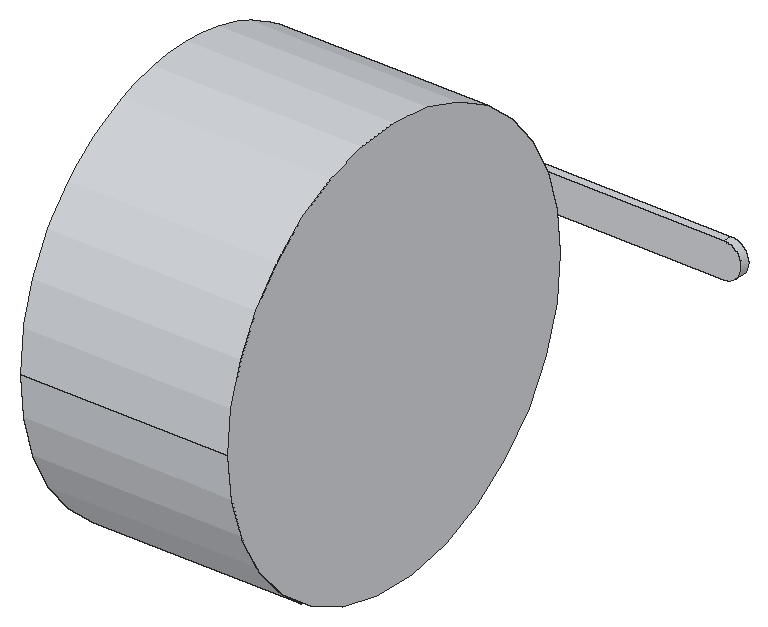
Revit family "M_Abafador de balanceamento - Redondo", category Acessórios de duto, Revit 2019
Family settings
  Cota do conector redondo = Usar raio
  Tipo de parte = Regulador de fluxo de ar
  Número OmniClass = 23.75.70.11.14.14
  Título OmniClass = Dampers for Air Ductwork
  ID de item do Seek = Balancing Damper - Round-0000-USA-ENU
  Com base no plano de trabalho = Não
  Sempre na vertical = Sim
  Corte com vazios quando carregada = Não
  Compartilhado = Não
Parameters (values of type "Padrão")
  Largura do símbolo [instance] = Diâmetro do duto + 101.6 mm  # 401.6 mm
  Comprimento do símbolo = Comprimento do abafador / 2 + 88.9 mm  # 163.9 mm
  Queda de pressão [instance] = 248.84 Pa
  Comprimento de meio abafador = Comprimento do abafador / 2  # 75 mm
  Raio do duto [instance] = 150 mm
  Diâmetro do duto [instance] = Raio do duto * 2  # 300 mm
  Material do abafador = none
  Comprimento do abafador = 150 mm
Reference planes
  plane 1 "Centro (Frente/Trás)": y = 0
  plane 2: z = 0
  plane 3 "Centro (Esquerda/Direita)": x = 0
  plane 4: y = -150
  plane 5: y = 150
  plane 6: y = 200.8
  plane 7: y = 207.15
  plane 8: x = -75
  plane 9: x = 75
  plane 10: x = 152.4
  plane 11: z = 12.7
  plane 12: z = -12.7
  plane 13: x = 165.1
Forms (mm)
  Extrusion 1, solid, material <- "Material do abafador", detail levels fine
    sketch origin (0, 0, 0) x (0, 1, 0) y (0, 0, 1)
      loop
        circle (0, 0) r 150
    from -75 to 75
  Extrusion 2, solid, material <- "Material do abafador", detail levels fine
    sketch origin (0, 0, 0) x (1, 0, 0) y (0, 0, 1)
      loop
        circle (0, 0) r 6.35
    from -200.8 to 0
  Sweep 3, solid, material <- "Material do abafador", detail levels fine
    path origin (0, 0, 0) x (1, 0, 0) y (0, 1, 0)
      loop
        line (0, 207.15) -> (0, 200.8)
    profile origin (0, 203.975, 0) x (1, 0, 0) y (0, 0, 1)
      loop
        arc (0, 12.7) -> (-12.7, 0) -> (0, -12.7) r 12.7
        line (0, -12.7) -> (152.4, -12.7)
        arc (152.4, -12.7) -> (165.1, 0) -> (152.4, 12.7) r 12.7
        line (152.4, 12.7) -> (0, 12.7)
  Extrusion 4, solid, material <- "Material do abafador", detail levels coarse+medium
    sketch origin (0, 0, 0) x (0, 1, 0) y (0, 0, 1)
      loop
        circle (0, 0) r 150
    from -75 to 75
Cuts and joins
  joined: Extrusion 1, Extrusion 2, Sweep 3
Dimensions and locks
  equal spacing: plane 5, plane 1 "Centro (Frente/Trás)", plane 4
  "Raio do duto": plane 1 "Centro (Frente/Trás)" to plane 4
  locked: plane 5 to plane 6 at 50.8
  locked: plane 7 to plane 6 at 6.35
  equal spacing: plane 8, plane 3 "Centro (Esquerda/Direita)", plane 9
  "Comprimento do abafador": plane 8 to plane 9
  locked: plane 10 to plane 3 "Centro (Esquerda/Direita)" at 152.4
  plane 11 to plane 2 = 12.7 mm
  equal spacing: plane 11, plane 2, plane 12
  locked: plane 13 to plane 10 at 12.7
  "Raio do duto": radius of Extrusion 1 sketch curve
  radius of Extrusion 2 sketch curve = 6.35 mm
  radius of Sweep 3 sketch curve = 12.7 mm  (x2)
  "Raio do duto": radius of Extrusion 4 sketch curve
  aligned and locked: plane 2 to Extrusion 1 sketch curve
  aligned and locked: plane 1 "Centro (Frente/Trás)" to Extrusion 1 sketch curve
  aligned and locked: Extrusion 1 to plane 8
  aligned and locked: Extrusion 1 to plane 9
  aligned and locked: plane 2 to Extrusion 2 sketch curve
  aligned and locked: plane 3 "Centro (Esquerda/Direita)" to Extrusion 2 sketch curve
  aligned and locked: plane 6 to Extrusion 2
  aligned and locked: plane 1 "Centro (Frente/Trás)" to Extrusion 2
  aligned and locked: Sweep 3 sketch curve to plane 3 "Centro (Esquerda/Direita)"
  aligned and locked: plane 7 to Sweep 3 sketch curve
  aligned and locked: plane 6 to Sweep 3 sketch curve
  aligned and locked: Sweep 3 sketch curve to plane 11
  aligned and locked: plane 3 "Centro (Esquerda/Direita)" to Sweep 3 sketch curve  (x3)
  aligned and locked: plane 2 to Sweep 3 sketch curve
  aligned and locked: plane 10 to Sweep 3 sketch curve  (x3)
  aligned and locked: plane 2 to Extrusion 4 sketch curve
  aligned and locked: plane 1 "Centro (Frente/Trás)" to Extrusion 4 sketch curve
  aligned and locked: Extrusion 4 to plane 8
  aligned and locked: Extrusion 4 to plane 9
Nested families
  nested 1: "M_Símbolo do abafador balanceado" at (0, 0, 0) x (-1, 0, 0) z (0, 0, 1), type "Símbolo de abafador de balanceamento", detail levels coarse+medium
Connectors
  hvac at (-75, 0, 0), driven by "Raio do duto", driven by "Queda de pressão"
    settings: on cut or joined group of Extrusion 1, Extrusion 2, Sweep 3, index 1, duct flow 0.0 L/s, flow factor 0, pres drop 248.84 Pa, loss coef 0, conn angle 0.00°, conn width 304.8 mm, conn height 304.8 mm, conn diameter 300 mm, duct sys type 29, conn prof type 0, flow config 0, flow direction 0, loss method 4, conn ref index 2, conn util no, is conn primary yes, conn desc ""
  hvac at (75, 0, 0), driven by "Raio do duto"
    settings: on cut or joined group of Extrusion 1, Extrusion 2, Sweep 3, index 2, duct flow 0.0 L/s, flow factor 0, pres drop 0.0 Pa, loss coef 0, conn angle 0.00°, conn width 304.8 mm, conn height 304.8 mm, conn diameter 300 mm, duct sys type 29, conn prof type 0, flow config 0, flow direction 0, loss method 4, conn ref index 1, conn util no, is conn primary no, conn desc ""
Definition of nested family "M_Símbolo do abafador balanceado"
  Parameters
    Largura 2 = 101.6 mm
    Largura 1 = 152.4 mm
    Comprimento 2 = 25.4 mm
    Comprimento 1 = 50.8 mm
  Reference planes
    plane 1 "Centro (Frente/Trás)": y = 0
    plane 2: z = 0
    plane 3 "Centro (Esquerda/Direita)": x = 0
  Lines and regions (mm)
    detail lines, in view "Nível de referência"
      curve 1: line (0, 76.2, 0) -> (0, -76.2, 0)
      curve 2: line (0, 76.2, 0) -> (-50.8, 76.2, 0)
      curve 3: line (-25.4, 50.8, 0) -> (-25.4, -50.8, 0)
      curve 4: line (25.4, 50.8, 0) -> (25.4, -50.8, 0)
  Dimensions and locks
    equal spacing: curve 1, plane 1 "Centro (Frente/Trás)", curve 1
    "Largura 1": curve 1 to curve 1
    "Comprimento 1": curve 2 to curve 2
    equal spacing: curve 3, plane 1 "Centro (Frente/Trás)", curve 3
    equal spacing: curve 4, plane 1 "Centro (Frente/Trás)", curve 4
    "Largura 2": curve 3 to curve 3
    "Largura 2": curve 4 to curve 4
    "Comprimento 2": curve 3 to plane 3 "Centro (Esquerda/Direita)"
    "Comprimento 2": plane 3 "Centro (Esquerda/Direita)" to curve 4
    aligned and locked: plane 3 "Centro (Esquerda/Direita)" to curve 2
